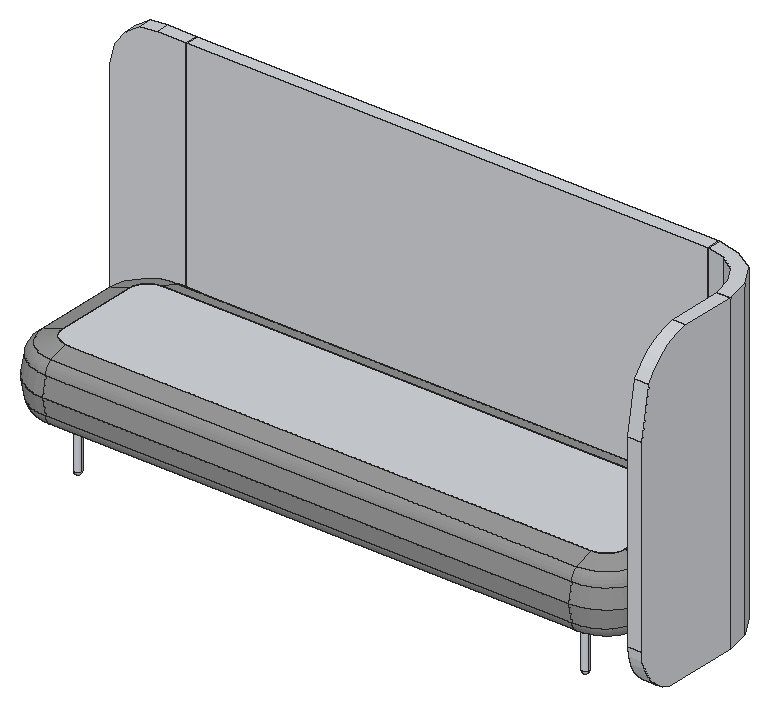
Revit family "Bernhardt-Design_Seating_ChapelleL_3 Seat_Right-Facing Full-Wall", category Furniture, Revit 2013
Parameters (values of type "3 Seat Right Facing Full Wall")
  Model = "Chapelle"
  Mid Wall = 6' - 5.4107"
  Length = 8' - 1 1/2"
  Description = "Seating"
  Width = 2' - 4 1/8"
  URL = "http://bernhardtdesign.com/"
  Product Page URL = "http://www.bernhardtdesign.com/products/chapelle/index.html"
  Product Name = "Chapelle"
  Product Documentation Link = "http://www.bernhardtdesign.com/pdf/pricelists/sofas/Chapelle_PL.pdf"
  Manufacturer = "Bernhardt "  # constant formula
  Level Certification = ""
  Height = 3' - 11 3/8"
  GreenGuard Certification = ""
  Bernhardt Fabric = none
Reference planes (in)
  plane 1 "Center (Front/Back)": y = 0
  plane 2 "Bottom": z = 0
  plane 3 "Center (Left/Right)": x = 0
  plane 4: x = -38.70535
  plane 5: x = 38.70535
  plane 6 "Total Height": z = 47.375
  plane 7 "Seat Height": z = 16.87819
  plane 8 "Base": z = 0.76323
  plane 9: y = -1.50846
  plane 10: y = -18.00846
  plane 11 "seat front edge": y = -20.50934
Forms (in)
  Extrusion 1, solid
    sketch origin (0, 0, 0) x (1, 0, 0) y (0, 1, 0)
      loop
        line (-38.70535, 8.08149) -> (-38.70535, 6.08149) -> (38.70535, 6.08149) -> (38.70535, 8.08149) -> (-38.70535, 8.08149)
    from 0.76323 to 47.375
  Extrusion 2, solid
    sketch origin (0, 0, 0) x (1, 0, 0) y (0, 1, 0)
      loop
        line (38.70535, 8.08149) -> (38.70535, 6.03681) -> (41.35046, 5.47458) -> (43.83854, 3.8588) -> (45.44752, 1.38119) -> (46.06173, -1.50846) -> (48.10641, -1.50846) -> (47.32674, 2.15959) -> (45.28435, 5.30461) -> (42.12887, 7.3538) -> (38.70535, 8.08149)
    from 0.76323 to 47.375
  Extrusion 3, solid
    sketch origin (0, 0, 0) x (1, 0, 0) y (0, 1, 0)
      loop
        line (48.10641, -1.50846) -> (46.10641, -1.50846) -> (46.10641, -18.00846) -> (48.10641, -18.00846) -> (48.10641, -1.50846)
    from 0.76323 to 47.375
  Extrusion 4, void
    sketch origin (0, 0, 0) x (0, 1, 0) y (0, 0, 1)
      loop
        line (-9.75846, 47.375) -> (-9.75846, 53.875) -> (-24.50846, 53.875) -> (-18.00846, 29.97832)
        arc (-18.00846, 29.97832) -> (-17.92454, 36.30552) -> (-16.7009, 42.51385) r 34.94218
        arc (-16.7009, 42.51385) -> (-13.79438, 45.75091) -> (-9.75846, 47.375) r 9.61187
      loop
        line (-18.00846, 7.50157) -> (-23.08796, -4.465) -> (-12.78184, 0.76323)
        arc (-12.78184, 0.76323) -> (-16.52625, 3.25506) -> (-18.00846, 7.50157) r 7.06609
    from 0 to 71.47273
  Extrusion 5, solid
    sketch origin (0, 0, 0) x (1, 0, 0) y (0, 0, 1)
      loop
        line (-38.70535, 47.375) -> (-42.95535, 47.375) -> (-45.58382, 47.14504) -> (-47.6805, 45.78344) -> (-49.32987, 43.51328) -> (-50.00472, 40.59017) -> (-50.00472, 8.09017) -> (-49.42582, 5.36666) -> (-47.88804, 3.08681) -> (-45.40093, 1.40923) -> (-42.96039, 0.76323) -> (-38.70535, 0.76323) -> (-38.70535, 47.375)
    from -6.08149 to -8.08149
Cuts and joins
  Extrusion 4 cuts Extrusion 3
Lines and regions (in)
  symbolic lines
    curve 1: line (-50.00472, 8.08149, 0) -> (-50.00472, 6.08149, 0)
    curve 2: line (-38.70535, 8.08149, 0) -> (-50.00472, 8.08149, 0)
    curve 3: line (38.70535, 8.08149, 0) -> (-38.70535, 8.08149, 0)
    curve 4: line (42.12887, 7.3538, 0) -> (38.70535, 8.08149, 0)
    curve 5: line (45.28435, 5.30461, 0) -> (42.12887, 7.3538, 0)
    curve 6: line (47.32674, 2.15959, 0) -> (45.28435, 5.30461, 0)
    curve 7: line (48.10641, -1.50846, 0) -> (47.32674, 2.15959, 0)
    curve 8: line (48.10641, -18.00846, 0) -> (48.10641, -1.50846, 0)
    curve 9: line (46.10641, -18.00846, 0) -> (48.10641, -18.00846, 0)
    curve 10: line (46.10641, -1.71867, 0) -> (46.10641, -18.00846, 0)
    curve 11: line (-38.70535, 6.08149, 0) -> (38.49514, 6.08149, 0)
    curve 12: line (-50.00472, 6.08149, 0) -> (-38.70535, 6.08149, 0)
    curve 13: arc (-38.84193, 6.09088, 0) -> (-43.79167, 4.04063, 0) -> (-45.84193, -0.90912, 0) r 7
    curve 14: arc (-45.84193, -13.31215, 0) -> (-43.79167, -18.2619, 0) -> (-38.84193, -20.31215, 0) r 7
    curve 15: arc (46.15807, -13.31215, 0) -> (44.10782, -18.2619, 0) -> (39.15807, -20.31215, 0) r 7
    curve 16: line (-45.84193, -0.90912, 0) -> (-45.84193, -13.31215, 0)
    curve 17: line (-38.84193, -20.31215, 0) -> (39.15807, -20.31215, 0)
    curve 18: line (38.49514, 6.08149, 0) -> (41.35046, 5.47458, 0)
    curve 19: line (41.35046, 5.47458, 0) -> (43.83854, 3.8588, 0)
    curve 20: line (43.83854, 3.8588, 0) -> (45.44752, 1.38119, 0)
    curve 21: line (45.44752, 1.38119, 0) -> (46.10641, -1.71867, 0)
Dimensions and locks (in)
  "Mid Wall": plane 4 to plane 5
  equal spacing: plane 4, plane 3 "Center (Left/Right)", plane 5
  "Height": plane 6 "Total Height" to level
  Extrusion 3 to plane 1 "Center (Front/Back)" = 0' - 1.50846"
  nested 1 to plane 3 "Center (Left/Right)" to cut or joined group of Extrusion 3, Extrusion 4 = 3' - 9.84193" locked, 3' - 10.10641" locked
  aligned and locked: plane 2 "Bottom" to level
  aligned and locked: Extrusion 1 sketch curve to plane 4
  aligned and locked: Extrusion 1 sketch curve to plane 5
  aligned and locked: Extrusion 1 to plane 8 "Base"
  aligned and locked: plane 6 "Total Height" to Extrusion 1
  aligned and locked: plane 6 "Total Height" to Extrusion 2
  aligned and locked: Extrusion 2 to plane 8 "Base"
  aligned and locked: Extrusion 1 to Extrusion 3
  aligned and locked: Extrusion 3 to plane 8 "Base"
  aligned and locked: plane 6 "Total Height" to Extrusion 3
  aligned and locked: Extrusion 2 to Extrusion 1  (x2)
  aligned and locked: Extrusion 3 to Extrusion 2
  aligned and locked: Extrusion 1 to Extrusion 5  (x2)
Automatic sketch dimensions
  Extrusion 1 sketch curve to plane 1 "Center (Front/Back)" = 0' - 6.08149"
  Extrusion 1 sketch curve to Extrusion 1 sketch curve = 0' - 2"
  Extrusion 2 sketch curve to plane 5 = 0' - 0"
  Extrusion 2 sketch curve to plane 1 "Center (Front/Back)" = 0' - 1.38119"
  plane 5 to Extrusion 2 sketch curve = 0' - 2.64512"
  Extrusion 2 sketch curve to Extrusion 2 sketch curve = 0' - 0.7784"
  Extrusion 2 sketch curve to Extrusion 2 sketch curve = 0' - 2.48808"
  Extrusion 2 sketch curve to Extrusion 2 sketch curve = 0' - 1.44581"  (x2)
  Extrusion 2 sketch curve to Extrusion 2 sketch curve = 0' - 1.60898"
  Extrusion 2 sketch curve to plane 1 "Center (Front/Back)" = 0' - 2.15959"
  Extrusion 2 sketch curve to Extrusion 2 sketch curve = 0' - 1.87923"  (x2)
  Extrusion 2 sketch curve to Extrusion 2 sketch curve = 0' - 0.61421"
  Extrusion 2 sketch curve to Extrusion 2 sketch curve = 0' - 2.04468"  (x2)
  plane 1 "Center (Front/Back)" to Extrusion 2 sketch curve = 0' - 1.50846"
  Extrusion 2 sketch curve to Extrusion 2 sketch curve = 0' - 2.47761"
  Extrusion 2 sketch curve to Extrusion 2 sketch curve = 0' - 1.61577"
  Extrusion 2 sketch curve to Extrusion 2 sketch curve = 0' - 0.72769"
  plane 5 to Extrusion 3 sketch curve = 0' - 7.40106"
  plane 1 "Center (Front/Back)" to Extrusion 3 sketch curve = 1' - 6.00846"
  Extrusion 3 sketch curve to Extrusion 3 sketch curve = 0' - 2"
  plane 1 "Center (Front/Back)" to Extrusion 3 sketch curve = 0' - 1.50846"
  Extrusion 4 sketch curve to plane 8 "Base" = 0' - 0"
  Extrusion 4 sketch curve to plane 6 "Total Height" = 0' - 0"
  plane 6 "Total Height" to Extrusion 4 sketch curve = 0' - 6 1/2"
  plane 1 "Center (Front/Back)" to Extrusion 4 sketch curve = 2' - 0.50846"
  Extrusion 4 sketch curve to level = 0' - 4.465"
  plane 1 "Center (Front/Back)" to Extrusion 4 sketch curve = 1' - 11.08796"
  plane 7 "Seat Height" to Extrusion 4 sketch curve = 1' - 1.10012"
  plane 1 "Center (Front/Back)" to Extrusion 4 sketch curve = 1' - 6.00846"
  plane 8 "Base" to Extrusion 4 sketch curve = 0' - 6.73834"
  Extrusion 4 sketch curve to Extrusion 4 sketch curve = 0' - 5.0795"
  Extrusion 4 sketch curve to Extrusion 4 sketch curve = 0' - 5.22662"
  plane 1 "Center (Front/Back)" to Extrusion 4 sketch curve = 0' - 9.75846"
  Extrusion 4 sketch curve to plane 6 "Total Height" = 0' - 4.86115"
  Extrusion 4 sketch curve to Extrusion 4 sketch curve = 0' - 6.94244"
  plane 8 "Base" to Extrusion 4 sketch curve = 0' - 6.8226"
  plane 1 "Center (Front/Back)" to Extrusion 4 sketch curve = 0' - 8 9/32"
  Extrusion 4 sketch curve to plane 6 "Total Height" = 1' - 2.69456"
  plane 4 to Extrusion 5 sketch curve = 0' - 11.29937"
  plane 8 "Base" to Extrusion 5 sketch curve = 0' - 0.646"
  plane 4 to Extrusion 5 sketch curve = 0' - 0"
  Extrusion 5 sketch curve to plane 8 "Base" = 0' - 0"
  Extrusion 5 sketch curve to plane 6 "Total Height" = 0' - 0"
  plane 8 "Base" to Extrusion 5 sketch curve = 0' - 4.60343"
  Extrusion 5 sketch curve to Extrusion 5 sketch curve = 0' - 0.5789"
  Extrusion 5 sketch curve to plane 6 "Total Height" = 0' - 3.86172"
  Extrusion 5 sketch curve to Extrusion 5 sketch curve = 0' - 0.67485"
  plane 8 "Base" to Extrusion 5 sketch curve = 0' - 2.32358"
  Extrusion 5 sketch curve to Extrusion 5 sketch curve = 0' - 1.53778"
  Extrusion 5 sketch curve to plane 6 "Total Height" = 0' - 1.59156"
  Extrusion 5 sketch curve to Extrusion 5 sketch curve = 0' - 1.64937"
  Extrusion 5 sketch curve to plane 6 "Total Height" = 0' - 0.22996"
  Extrusion 5 sketch curve to Extrusion 5 sketch curve = 0' - 2.09668"
  Extrusion 5 sketch curve to Extrusion 5 sketch curve = 0' - 2.48711"
  Extrusion 5 sketch curve to Extrusion 5 sketch curve = 0' - 2.44054"
  Extrusion 5 sketch curve to Extrusion 5 sketch curve = 0' - 2.62847"
  Extrusion 5 sketch curve to Extrusion 5 sketch curve = 0' - 2.72351"
  Extrusion 5 sketch curve to Extrusion 5 sketch curve = 0' - 2.92311"
  curve 12 to plane 4 = 0' - 0"
  curve 2 to plane 4 = 0' - 0"
  curve 3 to plane 5 = 0' - 0"
  plane 10 to curve 9 = 0' - 0"
  plane 9 to curve 8 = 0' - 0"
  curve 16 to plane 10 = 0' - 4.69631"
  curve 11 to plane 5 = 0' - 0.21021"
  plane 9 to curve 10 = 0' - 0.21021"
  curve 1 to curve 16 = 0' - 4.16279"
  plane 5 to curve 4 = 0' - 3.42352"
  curve 4 to curve 6 = 0' - 3.15548"
  plane 5 to curve 9 = 0' - 7.40106"
  curve 7 to plane 1 "Center (Front/Back)" = 0' - 2.15959"
  curve 5 to curve 7 = 0' - 2.0424"
  curve 9 to curve 9 = 0' - 2"
  plane 4 to curve 14 = 0' - 0.13658"
  plane 4 to curve 13 = 0' - 0.13658"
  plane 11 "seat front edge" to curve 17 = 0' - 0.19719"
  plane 5 to curve 17 = 0' - 0.45273"
  curve 9 to curve 15 = 0' - 0.05166"
  curve 16 to plane 9 = 0' - 0.59934"
  curve 6 to curve 6 = 0' - 3.14501"
  curve 12 to plane 1 "Center (Front/Back)" = 0' - 6.08149"
  curve 11 to curve 4 = 0' - 1.27231"
  curve 13 to curve 2 = 0' - 1.99061"
  curve 18 to curve 4 = 0' - 0.7784"
  curve 18 to curve 4 = 0' - 1.87923"
  curve 19 to curve 5 = 0' - 1.44581"  (x2)
  curve 20 to plane 1 "Center (Front/Back)" = 0' - 1.38119"
  curve 20 to curve 6 = 0' - 1.87923"
Nested families (in)
  nested 1: "Bernhardt-Design_Seating_ChapelleL_3-Seat_Bench" at (0, 11.30963, 0), type "3 seater bench"
Definition of nested family "Bernhardt-Design_Seating_ChapelleL_3-Seat_Bench"
  Parameters (values of type "3 seater bench")
    Width = 1' - 10 7/8"
    Model = "Chapelle 3 Seat Bench"
    Manufacturer = "Bernhardt"
    Length = 7' - 8"
    Height = 1' - 6"
    Description = "Seating"
    Bernhardt Metal = none
    Bernhardt Fabrics = Fabric-Bernhardt-White
  Reference planes (in)
    plane 1: z = 0
    plane 2: z = 47.125
    plane 3: y = -5.21875
    plane 4 "mid seat": z = 11.85004
    plane 5 "op seat": z = 16.98912
    plane 6: x = -1.59193
    plane 7 "front edge of bench": y = -31.62178
    plane 8 "Bench center": y = -18.53536
    plane 9: x = -45.84193
    plane 10: x = -37.46693
    plane 11: y = -10.00733
    plane 12: y = -26.79581
    plane 13: x = 46.15807
    plane 14: x = 37.78307
    plane 15: z = 11.85004
  Forms (in)
    Revolve 1, solid
      sketch origin (-15.73798, -26.79581, 0) x (0, 0, -1) y (1, 0, 0)
        loop
          line (-6.88986, -21.72633) -> (0, -21.72633)
          arc (0, -21.72633) -> (-0.20612, -21.34815) -> (-0.60963, -21.19754) r 0.6158
          line (-0.60963, -21.19754) -> (-5.60963, -21.19754)
          arc (-5.60963, -21.19754) -> (-6.34307, -20.9291) -> (-6.71097, -20.24015) r 1.0948
          line (-6.71097, -20.24015) -> (-6.83424, -20.24015) -> (-6.88986, -20.44772) -> (-6.88986, -21.72633)
        axis (-6.88986, -21.72633) -> (0, -21.72633)
      angle from 0 to 360
    Revolve 2, solid
      sketch origin (-15.66149, -10.00733, 0) x (0, 0, -1) y (-1, 0, 0)
        loop
          line (-6.88986, 21.72633) -> (-6.88986, 20.44772) -> (-6.83424, 20.24015) -> (-6.71097, 20.24015)
          arc (-6.71097, 20.24015) -> (-6.34307, 20.9291) -> (-5.60963, 21.19754) r 1.0948
          line (-5.60963, 21.19754) -> (-0.60963, 21.19754)
          arc (-0.60963, 21.19754) -> (-0.20612, 21.34815) -> (0, 21.72633) r 0.6158
          line (0, 21.72633) -> (-6.88986, 21.72633)
        axis (-6.88986, 21.72633) -> (0, 21.72633)
      angle from 0 to 360
    Sweep 3, solid, material "Fabric-Bernhardt-White"
      path origin (0, 0, 6.71097) x (0, 1, 0) y (-1, 0, 0)
        loop
          arc (-5.21875, 38.84193) -> (-7.269, 43.79167) -> (-12.21875, 45.84193) r 7
          line (-12.21875, 45.84193) -> (-24.62178, 45.84193)
          arc (-24.62178, 45.84193) -> (-29.57153, 43.79167) -> (-31.62178, 38.84193) r 7
          line (-31.62178, 38.84193) -> (-31.62178, -39.15807)
          arc (-31.62178, -39.15807) -> (-29.57153, -44.10782) -> (-24.62178, -46.15807) r 7
          line (-24.62178, -46.15807) -> (-12.21875, -46.15807)
          arc (-12.21875, -46.15807) -> (-7.269, -44.10782) -> (-5.21875, -39.15807) r 7
          line (-5.21875, -39.15807) -> (-5.21875, 38.84193)
      profile origin (0.15807, -5.21875, 6.71097) x (0, 1, 0) y (0, 0, 1)
        loop
          line (0, 5.13907) -> (-4.32844, 5.13907) -> (-4.32844, 0) -> (-1.55892, 0.88647)
          arc (-1.55892, 0.88647) -> (-0.84704, 1.53879) -> (-0.47753, 2.43085) r 2.23055
          line (-0.47753, 2.43085) -> (0, 5.13907)
    Extrusion 4, solid
      sketch origin (0, 0, 16.98912) x (-1, 0, 0) y (0, -1, 0)
        loop
          arc (-39.15807, 27.29334) -> (-41.04715, 26.51086) -> (-41.82963, 24.62178) r 2.67156
          line (-41.82963, 24.62178) -> (-41.82963, 12.21875)
          arc (-41.82963, 12.21875) -> (-41.04715, 10.32967) -> (-39.15807, 9.54719) r 2.67156
          line (-39.15807, 9.54719) -> (38.84193, 9.54719)
          arc (38.84193, 9.54719) -> (40.731, 10.32967) -> (41.51348, 12.21875) r 2.67156
          line (41.51348, 12.21875) -> (41.51348, 24.62178)
          arc (41.51348, 24.62178) -> (40.731, 26.51086) -> (38.84193, 27.29334) r 2.67156
          line (38.84193, 27.29334) -> (-39.15807, 27.29334)
      from 0 to -5.13907
    Revolve 5, solid
      sketch origin (12.55413, -26.79581, 0) x (0, 0, -1) y (1, 0, 0)
        loop
          line (-6.88986, 25.22633) -> (-6.88986, 23.94772) -> (-6.83424, 23.74015) -> (-6.71097, 23.74015)
          arc (-6.71097, 23.74015) -> (-6.34307, 24.4291) -> (-5.60963, 24.69754) r 1.0948
          line (-5.60963, 24.69754) -> (-0.60963, 24.69754)
          arc (-0.60963, 24.69754) -> (-0.20612, 24.84815) -> (0, 25.22633) r 0.6158
          line (0, 25.22633) -> (-6.88986, 25.22633)
        axis (-6.88986, 25.22633) -> (0, 25.22633)
      angle from 0 to 360
    Revolve 6, solid
      sketch origin (12.47764, -10.00733, 0) x (0, 0, -1) y (-1, 0, 0)
        loop
          line (-6.88986, -25.22633) -> (0, -25.22633)
          arc (0, -25.22633) -> (-0.20612, -24.84815) -> (-0.60963, -24.69754) r 0.6158
          line (-0.60963, -24.69754) -> (-5.60963, -24.69754)
          arc (-5.60963, -24.69754) -> (-6.34307, -24.4291) -> (-6.71097, -23.74015) r 1.0948
          line (-6.71097, -23.74015) -> (-6.83424, -23.74015) -> (-6.88986, -23.94772) -> (-6.88986, -25.22633)
        axis (-6.88986, -25.22633) -> (0, -25.22633)
      angle from 0 to 360
    Sweep 7, solid, material "Fabric-Bernhardt-White"
      path origin (0, 0, 16.98912) x (-1, 0, 0) y (0, -1, 0)
        loop
          arc (38.84193, 5.21875) -> (43.79167, 7.269) -> (45.84193, 12.21875) r 7
          line (45.84193, 12.21875) -> (45.84193, 24.62178)
          arc (45.84193, 24.62178) -> (43.79167, 29.57153) -> (38.84193, 31.62178) r 7
          line (38.84193, 31.62178) -> (-39.15807, 31.62178)
          arc (-39.15807, 31.62178) -> (-44.10782, 29.57153) -> (-46.15807, 24.62178) r 7
          line (-46.15807, 24.62178) -> (-46.15807, 12.21875)
          arc (-46.15807, 12.21875) -> (-44.10782, 7.269) -> (-39.15807, 5.21875) r 7
          line (-39.15807, 5.21875) -> (38.84193, 5.21875)
      profile origin (0.15807, -5.21875, 16.98912) x (0, 1, 0) y (0, 0, 1)
        loop
          line (0, -5.13907) -> (-0.47753, -2.43085)
          arc (-0.47753, -2.43085) -> (-0.84704, -1.53879) -> (-1.55892, -0.88647) r 2.23055
          line (-1.55892, -0.88647) -> (-4.32844, 0) -> (-4.32844, -5.13907) -> (0, -5.13907)
  Lines and regions (in)
    symbolic lines
      curve 1: arc (-38.84193, -5.21875, 16.98912) -> (-43.79167, -7.269, 16.98912) -> (-45.84193, -12.21875, 16.98912) r 7
      curve 2: arc (-45.84193, -24.62178, 16.98912) -> (-43.79167, -29.57153, 16.98912) -> (-38.84193, -31.62178, 16.98912) r 7
      curve 3: line (-45.84193, -12.21875, 16.98912) -> (-45.84193, -24.62178, 16.98912)
      curve 4: arc (39.15807, -5.21875, 16.98912) -> (44.10782, -7.269, 16.98912) -> (46.15807, -12.21875, 16.98912) r 7
      curve 5: arc (46.15807, -24.62178, 16.98912) -> (44.10782, -29.57153, 16.98912) -> (39.15807, -31.62178, 16.98912) r 7
      curve 6: line (46.15807, -12.21875, 16.98912) -> (46.15807, -24.62178, 16.98912)
      curve 7: line (-38.84193, -5.21875, 16.98912) -> (39.15807, -5.21875, 16.98912)
      curve 8: line (-38.84193, -31.62178, 16.98912) -> (39.15807, -31.62178, 16.98912)
  Dimensions and locks (in)
    locked: plane 2 to level at 47.125
    locked: plane 9 to plane 10 at 8.375
    locked: plane 13 to plane 14 at 8.375
    "Length": plane 9 to plane 13
    plane 3 to plane 11 to plane 8 "Bench center" = 0' - 4.78858", 0' - 8.52803"
    plane 8 "Bench center" to plane 12 to plane 7 "front edge of bench" = 0' - 8.26046", 0' - 4.82597"
    plane 15 to plane 5 "op seat" to plane 2 = 0' - 5.13907", 2' - 6.13588"
    aligned and locked: level to plane 1
    aligned and locked: Extrusion 4 to plane 4 "mid seat"
    aligned and locked: plane 11 to Revolve 2
    aligned and locked: plane 12 to Revolve 1
    aligned and locked: plane 9 to Sweep 3 sketch curve
    aligned and locked: plane 13 to Sweep 3 sketch curve
    aligned and locked: Extrusion 4 to Sweep 3  (x2)
  Automatic sketch dimensions
    Revolve 1 sketch curve to level = 0' - 0"  (x2)
    plane 10 to Revolve 1 sketch curve = 0' - 0.00262"
    level to Revolve 1 sketch curve = 0' - 0.60963"
    plane 10 to Revolve 1 sketch curve = 0' - 0.53141"
    Revolve 1 sketch curve to Revolve 1 sketch curve = 0' - 5"
    Revolve 1 sketch curve to Revolve 1 sketch curve = 0' - 1.10134"
    plane 10 to Revolve 1 sketch curve = 0' - 1.48879"
    Revolve 1 sketch curve to Revolve 1 sketch curve = 0' - 0.12327"
    Revolve 1 sketch curve to Revolve 1 sketch curve = 0' - 1.28023"
    Revolve 1 sketch curve to Revolve 1 sketch curve = 0' - 0"  (x2)
    Revolve 1 sketch curve to Revolve 1 sketch curve = 0' - 1.08616"
    Revolve 1 sketch curve to Revolve 1 sketch curve = 0' - 0.20756"
    Revolve 2 sketch curve to level = 0' - 0"  (x2)
    plane 10 to Revolve 2 sketch curve = 0' - 1.56528"
    level to Revolve 2 sketch curve = 0' - 0.60963"
    plane 10 to Revolve 2 sketch curve = 0' - 0.6079"
    Revolve 2 sketch curve to Revolve 2 sketch curve = 0' - 5"
    Revolve 2 sketch curve to Revolve 2 sketch curve = 0' - 1.10134"
    Revolve 2 sketch curve to Revolve 2 sketch curve = 0' - 0.12327"
    plane 10 to Revolve 2 sketch curve = 0' - 0.07911"
    Revolve 2 sketch curve to Revolve 2 sketch curve = 0' - 1.28023"
    Revolve 2 sketch curve to Revolve 2 sketch curve = 0' - 0"  (x2)
    Revolve 2 sketch curve to Revolve 2 sketch curve = 0' - 0.01519"
    Revolve 2 sketch curve to Revolve 2 sketch curve = 0' - 0.20756"
    Sweep 3 sketch curve to plane 7 "front edge of bench" = 0' - 0"
    plane 3 to Sweep 3 sketch curve = 0' - 0"
    Sweep 3 sketch curve to plane 14 = 0' - 1 3/8"
    Sweep 3 sketch curve to plane 12 = 0' - 2.17403"
    plane 11 to Sweep 3 sketch curve = 0' - 2.21142"  (x2)
    Sweep 3 sketch curve to profile plane = 0' - 0"  (x2)
    profile plane to Sweep 3 sketch curve = 0' - 0.88647"
    profile plane to Sweep 3 sketch curve = 0' - 0.47753"
    profile plane to Sweep 3 sketch curve = 0' - 1.55892"
    Sweep 3 sketch curve to Sweep 3 sketch curve = 0' - 2 197/256"
    Sweep 3 sketch curve to Sweep 3 sketch curve = 0' - 2.19666"
    Sweep 3 sketch curve to Sweep 3 sketch curve = 0' - 1.54438"
    Sweep 3 sketch curve to Sweep 3 sketch curve = 0' - 2.70822"
    Extrusion 4 sketch curve to plane 14 = 0' - 4.04656"
    Extrusion 4 sketch curve to plane 11 = 0' - 0.46014"
    Extrusion 4 sketch curve to plane 14 = 0' - 1 3/8"  (x2)
    plane 12 to Extrusion 4 sketch curve = 0' - 0.49752"
    Extrusion 4 sketch curve to plane 10 = 0' - 1 3/8"  (x2)
    Extrusion 4 sketch curve to plane 12 = 0' - 2.17403"
    Revolve 5 sketch curve to level = 0' - 0"  (x2)
    plane 14 to Revolve 5 sketch curve = 0' - 1.48879"
    level to Revolve 5 sketch curve = 0' - 0.60963"
    plane 14 to Revolve 5 sketch curve = 0' - 0.53141"
    Revolve 5 sketch curve to Revolve 5 sketch curve = 0' - 5"
    Revolve 5 sketch curve to Revolve 5 sketch curve = 0' - 1.10134"
    Revolve 5 sketch curve to Revolve 5 sketch curve = 0' - 0.12327"
    plane 14 to Revolve 5 sketch curve = 0' - 0.00262"
    Revolve 5 sketch curve to Revolve 5 sketch curve = 0' - 1.28023"
    Revolve 5 sketch curve to Revolve 5 sketch curve = 0' - 0"  (x2)
    Revolve 5 sketch curve to Revolve 5 sketch curve = 0' - 0.01519"
    Revolve 5 sketch curve to Revolve 5 sketch curve = 0' - 0.20756"
    Revolve 6 sketch curve to level = 0' - 0"  (x2)
    plane 14 to Revolve 6 sketch curve = 0' - 0.07911"
    level to Revolve 6 sketch curve = 0' - 0.60963"
    plane 14 to Revolve 6 sketch curve = 0' - 0.6079"
    Revolve 6 sketch curve to Revolve 6 sketch curve = 0' - 5"
    Revolve 6 sketch curve to Revolve 6 sketch curve = 0' - 1.10134"
    plane 14 to Revolve 6 sketch curve = 0' - 1.56528"
    Revolve 6 sketch curve to Revolve 6 sketch curve = 0' - 0.12327"
    Revolve 6 sketch curve to Revolve 6 sketch curve = 0' - 1.28023"
    Revolve 6 sketch curve to Revolve 6 sketch curve = 0' - 0"  (x2)
    Revolve 6 sketch curve to Revolve 6 sketch curve = 0' - 1.08616"
    Revolve 6 sketch curve to Revolve 6 sketch curve = 0' - 0.20756"
    Sweep 7 sketch curve to plane 13 = 0' - 0"
    Sweep 7 sketch curve to plane 7 "front edge of bench" = 0' - 0"
    plane 3 to Sweep 7 sketch curve = 0' - 0"
    Sweep 7 sketch curve to plane 9 = 0' - 0"
    plane 11 to Sweep 7 sketch curve = 0' - 2.21142"
    Sweep 7 sketch curve to plane 14 = 0' - 1 3/8"
    Sweep 7 sketch curve to plane 10 = 0' - 1 3/8"  (x2)
    Sweep 7 sketch curve to profile plane = 0' - 0"  (x2)
    Sweep 7 sketch curve to profile plane = 0' - 5.13907"
    profile plane to Sweep 7 sketch curve = 0' - 0.47753"
    profile plane to Sweep 7 sketch curve = 0' - 1.55892"
    Sweep 7 sketch curve to Sweep 7 sketch curve = 0' - 2 197/256"
    Sweep 7 sketch curve to Sweep 7 sketch curve = 0' - 1.11527"
    Sweep 7 sketch curve to profile plane = 0' - 2.43085"
    Sweep 7 sketch curve to profile plane = 0' - 0.88647"
    curve 6 to plane 13 = 0' - 0"
    plane 3 to curve 7 = 0' - 0"
    curve 8 to plane 7 "front edge of bench" = 0' - 0"
    curve 3 to plane 9 = 0' - 0"
    plane 11 to curve 6 = 0' - 2.21142"
    curve 8 to plane 14 = 0' - 1 3/8"
    curve 7 to plane 10 = 0' - 1 3/8"
    curve 8 to plane 10 = 0' - 1 3/8"
